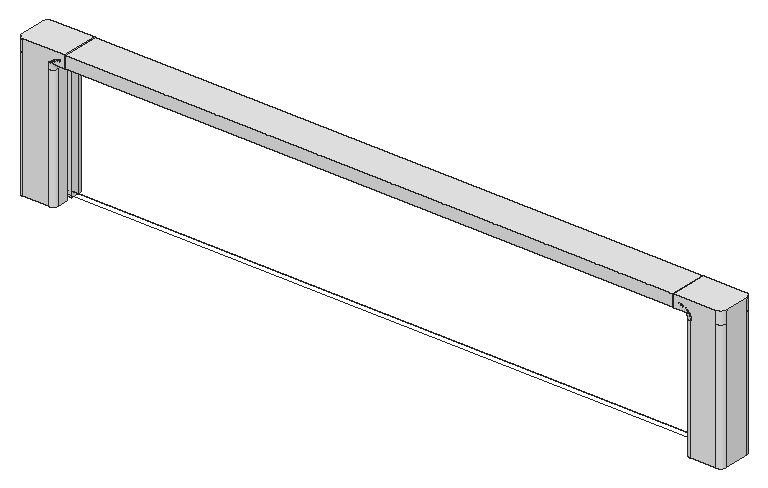
Revit family "Shelf-Glass-Dorf Epic1", category Specialty Equipment, host Face, Revit 2012
Parameters (values of type "Epic Glass Shelf")
  URL = "http://www.dorf.com.au/"
  Type Comments = "Epic Glass Shelf"
  Model = "6428.04"
  Material_ANZRS = Metal-Chrome-Caroma
  Manufacturer = "Dorf"  # constant formula
  Length_ANZRS = 450 mm  # constant formula
  Glazing = Glass-Clear-Caroma
  Description = "In line with the current bathroom trend toward more minimally styled geometric shapes"  # constant formula
  Default Elevation = 900 mm
  CreatedBy_ANZRS = "Design Content"  # constant formula
  CreatedByURL_ANZRS = "www.designcontent.com.au"
  Cost = 0
  Assembly Code = "C1030200"
Reference planes
  plane 1 "Center (Elevation)": y = 0
  plane 2 "Back": z = 0
  plane 3 "Center (Left/Right)": x = 0
  plane 4 "Left": x = -225
  plane 5 "Right": x = 225
  plane 6 "Top": y = 12.5
  plane 7 "Bottom": y = -12.5
  plane 8 "Front": z = 95
  plane 9: x = -237.5
  plane 10: x = -212.5
  plane 11: x = 212.5
  plane 12: x = 237.5
Forms (mm)
  Extrusion 1, solid, material "Metal-Chrome-Caroma" <- "Material_ANZRS"
    sketch origin (0, 0, 0) x (1, 0, 0) y (0, 1, 0)
      loop
        arc (-233.5, 12.5) -> (-236.328, 11.328) -> (-237.5, 8.5) r 4
        line (-237.5, 8.5) -> (-237.5, -8.5)
        arc (-237.5, -8.5) -> (-236.328, -11.328) -> (-233.5, -12.5) r 4
        line (-233.5, -12.5) -> (-216.5, -12.5)
        arc (-216.5, -12.5) -> (-213.672, -11.328) -> (-212.5, -8.5) r 4
        line (-212.5, -8.5) -> (-212.5, -2) -> (-222.5, -2) -> (-222.5, 2) -> (-212.5, 2) -> (-212.5, 8.5)
        arc (-212.5, 8.5) -> (-213.672, 11.328) -> (-216.5, 12.5) r 4
        line (-216.5, 12.5) -> (-233.5, 12.5)
      loop
        line (233.5, 12.5) -> (216.5, 12.5)
        arc (216.5, 12.5) -> (213.672, 11.328) -> (212.5, 8.5) r 4
        line (212.5, 8.5) -> (212.5, 2) -> (222.5, 2) -> (222.5, -2) -> (212.5, -2) -> (212.5, -8.5)
        arc (212.5, -8.5) -> (213.672, -11.328) -> (216.5, -12.5) r 4
        line (216.5, -12.5) -> (233.5, -12.5)
        arc (233.5, -12.5) -> (236.328, -11.328) -> (237.5, -8.5) r 4
        line (237.5, -8.5) -> (237.5, 8.5)
        arc (237.5, 8.5) -> (236.328, 11.328) -> (233.5, 12.5) r 4
    from 0 to 87
  Extrusion 2, solid, material "Metal-Chrome-Caroma" <- "Material_ANZRS"
    sketch origin (0, 0, -43) x (1, 0, 0) y (0, 1, 0)
      loop
        line (-204.5, 12.5) -> (-204.5, -12.5) -> (204.5, -12.5) -> (204.5, 12.5) -> (-204.5, 12.5)
      loop
        line (205.5, 12.5) -> (205.5, -12.5) -> (233.5, -12.5)
        arc (233.5, -12.5) -> (236.328, -11.328) -> (237.5, -8.5) r 4
        line (237.5, -8.5) -> (237.5, 8.5)
        arc (237.5, 8.5) -> (236.328, 11.328) -> (233.5, 12.5) r 4
        line (233.5, 12.5) -> (205.5, 12.5)
      loop
        line (-205.5, 12.5) -> (-233.5, 12.5)
        arc (-233.5, 12.5) -> (-236.328, 11.328) -> (-237.5, 8.5) r 4
        line (-237.5, 8.5) -> (-237.5, -8.5)
        arc (-237.5, -8.5) -> (-236.328, -11.328) -> (-233.5, -12.5) r 4
        line (-233.5, -12.5) -> (-205.5, -12.5) -> (-205.5, 12.5)
    from 130 to 138
  Extrusion 3, solid, material "Metal-Chrome-Caroma" <- "Material_ANZRS"
    sketch origin (0, 0, 0) x (0, 1, 0) y (0, 0, 1)
      loop
        line (12, 94.5) -> (-12, 94.5) -> (-12, 87.5) -> (12, 87.5) -> (12, 94.5)
    from -212.5 to 212.5
  Extrusion 4, solid, material "Glass-Clear-Caroma" <- "Glazing"
    sketch origin (0, 0, 0) x (1, 0, 0) y (0, 1, 0)
      loop
        line (-222, 2) -> (-222, -2) -> (222, -2) -> (222, 2) -> (-222, 2)
    from 4 to 84
  Sweep 5, solid, material "Metal-Chrome-Caroma" <- "Material_ANZRS"
    path origin (0, 0, 0) x (1, 0, 0) y (0, 0, 1)
      loop
        arc (-212.5, 83) -> (-211.328, 85.828) -> (-208.5, 87) r 4
    profile origin (-212.5, 0, 83) x (-1, 0, 0) y (0, -1, 0)
      loop
        arc (0, -8.5) -> (1.172, -11.328) -> (4, -12.5) r 4
        line (4, -12.5) -> (4, 12.5)
        arc (4, 12.5) -> (1.172, 11.328) -> (0, 8.5) r 4
        line (0, 8.5) -> (0, -8.5)
  Sweep 6, solid, material "Metal-Chrome-Caroma" <- "Material_ANZRS"
    path origin (0, 0, 0) x (-1, 0, 0) y (0, 0, 1)
      loop
        arc (-212.5, 83) -> (-211.328, 85.828) -> (-208.5, 87) r 4
    profile origin (212.5, 0, 83) x (-1, 0, 0) y (0, -1, 0)
      loop
        line (0, -8.5) -> (0, 8.5)
        arc (0, 8.5) -> (-1.172, 11.328) -> (-4, 12.5) r 4
        line (-4, 12.5) -> (-4, -12.5)
        arc (-4, -12.5) -> (-1.172, -11.328) -> (0, -8.5) r 4
  Extrusion 7, void
    sketch origin (0, 0, 0) x (0, 1, 0) y (0, 0, 1)
      loop
        line (2, 87) -> (-2, 87) -> (-2, 0) -> (2, 0) -> (2, 87)
    from -222.5 to 222.5
Cuts and joins
  joined: Extrusion 1, Extrusion 2, Extrusion 3
  Extrusion 7 cuts Sweep 6
  Extrusion 7 cuts Sweep 5
Dimensions and locks
  equal spacing: plane 4 "Left", plane 3 "Center (Left/Right)", plane 5 "Right"
  "Length_ANZRS": plane 4 "Left" to plane 5 "Right"
  equal spacing: plane 7 "Bottom", plane 1 "Center (Elevation)", plane 6 "Top"
  locked: plane 7 "Bottom" to plane 6 "Top" at 25
  plane 8 "Front" to level = 95 mm
  Extrusion 1 sketch curve to plane 4 "Left" to Extrusion 1 sketch curve = 12.5 mm locked, 12.5 mm locked
  Extrusion 1 sketch curve to plane 5 "Right" to Extrusion 1 sketch curve = 12.5 mm locked, 12.5 mm locked
  plane 9 to plane 4 "Left" to plane 10 = 12.5 mm locked, 12.5 mm locked
  plane 11 to plane 5 "Right" to plane 12 = 12.5 mm locked, 12.5 mm locked
  plane 10 to Extrusion 2 sketch curve to Extrusion 2 sketch curve = 7 mm locked, 1 mm locked
  Extrusion 2 sketch curve to Extrusion 2 sketch curve to plane 11 = 1 mm locked, 7 mm locked
  aligned and locked: plane 2 "Back" to host face
  aligned and locked: level to host face
  aligned and locked: Extrusion 2 sketch curve to plane 9
  aligned and locked: plane 12 to Extrusion 2 sketch curve
  aligned and locked: plane 10 to cut or joined group of Extrusion 1, Extrusion 2, Extrusion 3
  aligned and locked: plane 11 to cut or joined group of Extrusion 1, Extrusion 2, Extrusion 3
Automatic sketch dimensions
  host sketch curve to host sketch curve = 2438.4 mm  (x2)
  plane 7 "Bottom" to Extrusion 1 sketch curve = 0 mm  (x2)
  plane 6 "Top" to Extrusion 1 sketch curve = 0 mm  (x2)
  plane 9 to Extrusion 1 sketch curve = 4 mm  (x2)
  plane 4 "Left" to Extrusion 1 sketch curve = 2.5 mm
  plane 10 to Extrusion 1 sketch curve = 4 mm  (x2)
  Extrusion 1 sketch curve to plane 10 = 0 mm
  Extrusion 1 sketch curve to plane 11 = 0 mm
  plane 11 to Extrusion 1 sketch curve = 4 mm  (x2)
  Extrusion 1 sketch curve to plane 5 "Right" = 2.5 mm
  plane 12 to Extrusion 1 sketch curve = 4 mm  (x2)
  plane 1 "Center (Elevation)" to Extrusion 1 sketch curve = 2 mm  (x2)
  Extrusion 1 sketch curve to plane 1 "Center (Elevation)" = 2 mm  (x2)
  plane 6 "Top" to Extrusion 2 sketch curve = 0 mm  (x3)
  plane 7 "Bottom" to Extrusion 2 sketch curve = 0 mm  (x3)
  plane 9 to Extrusion 2 sketch curve = 4 mm  (x2)
  plane 12 to Extrusion 2 sketch curve = 4 mm  (x2)
  Extrusion 3 sketch curve to plane 7 "Bottom" = 0.5 mm
  plane 6 "Top" to Extrusion 3 sketch curve = 0.5 mm
  Extrusion 3 sketch curve to plane 8 "Front" = 7.5 mm
  Extrusion 3 sketch curve to plane 8 "Front" = 0.5 mm
  plane 4 "Left" to Extrusion 4 sketch curve = 3 mm
  Extrusion 4 sketch curve to plane 5 "Right" = 3 mm
  plane 1 "Center (Elevation)" to Extrusion 4 sketch curve = 2 mm
  Extrusion 4 sketch curve to plane 1 "Center (Elevation)" = 2 mm
  Sweep 5 sketch curve to plane 10 = 0 mm
  Sweep 5 sketch curve to plane 10 = 4 mm
  Sweep 5 sketch curve to plane 8 "Front" = 12 mm
  Sweep 5 sketch curve to profile plane = 0 mm
  Sweep 5 sketch curve to Sweep 5 sketch curve = 4 mm
  Sweep 5 sketch curve to plane 1 "Center (Elevation)" = 12.5 mm
  plane 1 "Center (Elevation)" to Sweep 5 sketch curve = 8.5 mm
  plane 11 to Sweep 6 sketch curve = 0 mm
  plane 11 to Sweep 6 sketch curve = 4 mm
  plane 8 "Front" to Sweep 6 sketch curve = 12 mm
  profile plane to Sweep 6 sketch curve = 4 mm
  profile plane to Sweep 6 sketch curve = 0 mm
  Sweep 6 sketch curve to plane 1 "Center (Elevation)" = 12.5 mm
  plane 1 "Center (Elevation)" to Sweep 6 sketch curve = 8.5 mm
  Extrusion 7 sketch curve to level = 0 mm
  plane 1 "Center (Elevation)" to Extrusion 7 sketch curve = 2 mm
  Extrusion 7 sketch curve to plane 1 "Center (Elevation)" = 2 mm
  Extrusion 7 sketch curve to plane 8 "Front" = 8 mm
